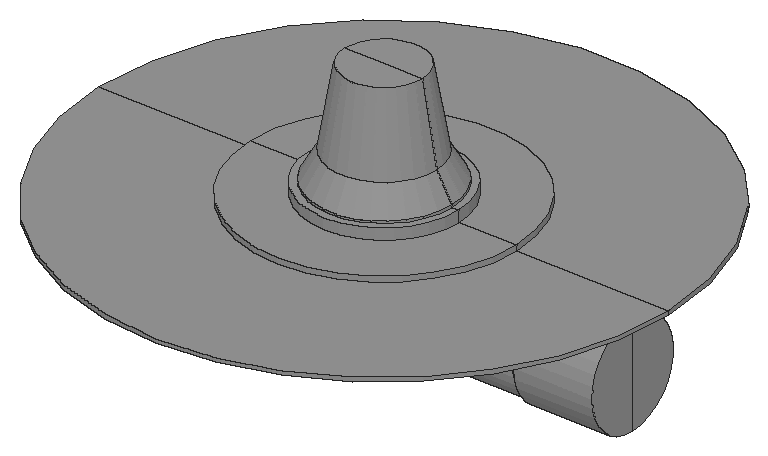
Revit family "HL_RU_Roof drain_HL80.3H-B-221103", category Instalační zařizovací předměty, Revit 2021
Family settings
  Kóta kulaté spojky = Použít průměr
  Typ dílu = Normální
  Číslo OmniClass = 23.70.50.21.24.14
  Nadpis OmniClass = Deck Waste Water Drains
  Založené na pracovní rovině = Ne
  Vždy vertikální = Ano
  Ořezat dutým tvarem při načtení = Ne
  Sdílené = Ne
  Bod výpočtu místnosti = Ano
Parameters (values of type "HL_Кровельная воронка_HL80.3H")
  РЕШЁТКА = "Laubfangkorb d 110 mm"
  РАЗМЕР = "DN50/75"
  ПРОПУСКНАЯ СПОСОБНОСТЬ [instance] = 0.0 L/s
  ПРОИЗВОДИТЕЛЬНОСТЬ = "1,0 l/s"
  ПРАВОВАЯ ИНФОРМАЦИЯ = "Авторские права(©), права на дизайн или какие либо другие права интелектуальной собственности являются исключительной собственностью компании HL Hutterer & Lechner. Изменению не подлежит. Файл семейства с данными о прозводителе изделия защищен паролем с водяным знаком."
  НОМИНАЛЬНЫЙ ДИАМЕТР [instance] = 75 mm
  МАТЕРИАЛ = "PP/PE"
  ВЫСОТА МОНТАЖА = "91 mm"
  ВЕС = "1,09 [kg]"
  Výchozí výška = 0 mm
  Výrobce = "HL Hutterer & Lechner GmbH"  # constant formula
  URL = "http://www.hutterer-lechner.com/ru/products/catalog/roof-drains/HL80.3H.aspx"
  Материал плитка [instance] = none
  Přípoj ventilace = no
  Přípoj odpadních dílů = yes
  Přípoj HW = no
  Přípoj CW = no
  Popis = "Кровельные воронки"
  Model = "HL80.3H"
  Assembly Code = " "
  Komentáře k typům = "HL80.3H Трап для кровли DN50/75 поворотный с битумным полотном и листвоуловителем.,"
  Keynote = "HL80.3H"
  F [instance] = if(and(Instalation Angle = 0.00°, НОМИНАЛЬНЫЙ ДИАМЕТР = 50 mm), 25.5 mm, 13 mm)  # 13 mm
  EAN = "9003076918034"
  Bысота монтажа [instance] = 0 mm
  Instalation Angle [instance] = 90.00°
  G [instance] = if(Instalation Angle = 0.00°, 180.00°, 90.00°)  # 90.00°
  D [instance] = if(and(Instalation Angle = 0.00°, НОМИНАЛЬНЫЙ ДИАМЕТР = 75 mm), 170.2 mm, if(and(Instalation Angle = 0.00°, НОМИНАЛЬНЫЙ ДИАМЕТР = 50 mm), 74.3 mm, if(and(Instalation Angle = 90.00°, НОМИНАЛЬНЫЙ ДИАМЕТР = 50 mm), 100 mm - 13 mm, 183.1 mm - 13 mm)))  # 170.1 mm
  C [instance] = if(Bысота монтажа - 68 mm < 0 mm, 0 mm, Bысота монтажа - 68 mm)  # 0 mm
  B [instance] = Bысота монтажа + if(НОМИНАЛЬНЫЙ ДИАМЕТР = 50 mm, 64.5 mm, 51.7 mm)  # 51.7 mm
  A [instance] = if(B - 100 mm > 15 mm, B - 100 mm, 15 mm)  # 15 mm
Reference planes
  plane 1 "Center (Front/Back)": y = 0
  plane 2: z = 0
  plane 3 "Center (Left/Right)": x = 0
  plane 4: z = -51.7
  plane 5: z = 0
  plane 6: x = 13
Lines and regions (mm)
  model lines, style "InvisibleLines"
    curve 1: line (0, 0, 0) -> (0, 0, 20)
  model lines, style "PlumbingFixtures", detail levels coarse+medium
    curve 2: line (0, 0, -51.7) -> (0, 0, -36.7)
    curve 3: line (0, 0, -36.7) -> (-36.7, 0, 0)
    curve 4: line (0, 0, -36.7) -> (36.7, 0, 0)
    curve 6: line (13, 0, -51.7) -> (183.1, 0, -51.7)
  reference lines, not visible
    curve 5: line (13, 0, -51.7) -> (183.1, 0, -51.7)
  symbolic lines, style "PlumbingFixtures", detail levels coarse+medium
    curve 7: line (-75, 75, 0) -> (75, 75, 0)
    curve 8: line (-75, -75, 0) -> (-75, 75, 0)
    curve 9: line (75, -75, 0) -> (-75, -75, 0)
    curve 10: line (75, 75, 0) -> (75, -75, 0)
    curve 11: line (-75, 75, 0) -> (-145.711, 145.711, 0)
    curve 12: line (75, 75, 0) -> (145.711, 145.711, 0)
    curve 13: line (-75, -75, 0) -> (-145.711, -145.711, 0)
    curve 14: line (75, -75, 0) -> (145.711, -145.711, 0)
  symbolic lines, style "PlumbingFixtures", not visible, detail levels coarse+medium
    curve 15: line (-75, 75, 0) -> (75, 75, 0)
    curve 16: line (-75, -75, 0) -> (-75, 75, 0)
    curve 17: line (75, -75, 0) -> (-75, -75, 0)
    curve 18: line (75, 75, 0) -> (75, -75, 0)
    curve 19: line (-75, 75, 0) -> (-145.711, 145.711, 0)
    curve 20: line (75, 75, 0) -> (145.711, 145.711, 0)
    curve 21: line (-75, -75, 0) -> (-145.711, -145.711, 0)
    curve 22: line (75, -75, 0) -> (145.711, -145.711, 0)
  model lines, style "InvisibleLines", detail levels coarse+medium
    curve 23: line (13, 0, -51.7) -> (0, 0, -51.7)
Text (mm)
  text "FLOOR" at (-162.344, 0, -10.979), in view "Drain Construction View"
Dimensions and locks
  "B": plane 2 to plane 4
  "Bысота монтажа": plane 2 to plane 5
  "A": curve 4 to plane 4
  "D": curve 5 to curve 5
  "D": curve 6 to curve 6
  "F": plane 6 to plane 3 "Center (Left/Right)"
  locked: curve 4 to plane 3 "Center (Left/Right)" (angle 45.00°)
  locked: plane 3 "Center (Left/Right)" to curve 3 (angle 45.00°)
  "G": angle curve 5 to plane 3 "Center (Left/Right)"
  aligned and locked: level to plane 2
  aligned and locked: plane 2 to curve 4
  aligned and locked: plane 2 to curve 3
  aligned and locked: plane 4 to curve 2
  aligned and locked: nested 1 to plane 5
  aligned and locked: plane 3 "Center (Left/Right)" to nested 1
  aligned and locked: nested 2 to plane 2
  aligned and locked: plane 3 "Center (Left/Right)" to nested 2
  aligned and locked: plane 6 to curve 5
  aligned and locked: plane 4 to curve 5
  aligned and locked: plane 6 to curve 6
Automatic sketch dimensions
  curve 1 to plane 3 "Center (Left/Right)" = 0 mm
  curve 2 to plane 3 "Center (Left/Right)" = 0 mm
  curve 23 to plane 6 = 0 mm
  curve 1 to level = 0 mm
  level to curve 1 = 20 mm
  curve 6 to curve 5 = 0 mm
Nested families
  nested 1: "HL_кровельные воронки - корпус_HL80HK" at (0, 0, 0), DN <- "НОМИНАЛЬНЫЙ ДИАМЕТР", Instalation Angle <- "Instalation Angle", type "HL80HK"
    with OE 5 mm, LV 0 mm, Instalation Angle 90.00°, DT 10 mm, DN 75 mm
  nested 2: "HL_Вспомогательные материалы-Противопожарная защита_HL080.8E" at (0, 0, 0.982), type "HL_Вспомогательные материалы-Противопожарная защита_HL080.8E"
Connectors
  piping at (183.1, 0, -51.7), diameter 75, driven by "ПРОПУСКНАЯ СПОСОБНОСТЬ", driven by "НОМИНАЛЬНЫЙ ДИАМЕТР"
    settings: on curve 5, index 1, connector inside diameter 609.6 mm, connector length 0 mm, flow factor 0, pipe flow 0.0 L/s, pressure drop 0.0 Pa, fitting loss kfactor 0, connector angle 0.00°, fixture units 0, engagement length 0 mm, angle of deflection 0.00°, flow configuration 1, flow direction 2, fitting loss method 0, system type 16, joint type 0, gender type 0, connector reference index -1, connector utility 0, adjustable connector yes, is connector primary yes, connector description ""
Definition of nested family "HL_кровельные воронки - корпус_HL80HK"
  Parameters (values of type "HL80HK")
    Waste Connection = yes
    Default Elevation = 0 mm
    Vent Connection = no
    Manufacturer = ""
    LV [instance] = if(DN = 75 mm, 0 mm, 83 mm)  # 0 mm
    HW Connection = no
    URL = ""
    RN2 = DN2 / 2  # 37.5 mm
    RN1 = DN1 / 2  # 25 mm
    Description = ""
    DT [instance] = if(DN = DN1, 10 mm, if(DN = DN2, 10 mm, 0 mm))  # 10 mm
    DN [instance] = 75 mm
    CW Connection = no
    OL = 155 mm  # constant formula
    OE [instance] = if(Instalation Angle > 0.00°, 5 mm, 30 mm)  # 5 mm
    Model = ""
    Type Comments = ""
    Keynote = ""
    Instalation Angle [instance] = 90.00°
    DN2 = 75 mm  # constant formula
    DN1 = 50 mm  # constant formula
  Reference planes
    plane 1 "Center (Front/Back)": y = 0
    plane 2: z = 0
    plane 3 "Center (Left/Right)": x = 0
    plane 4: z = 0
    plane 5: z = -90
    plane 6: z = -215
    plane 7 "Ball joint horizontal": z = -64.2
    plane 8 "Ball Joint Vertical": x = 25.45
  Forms (mm)
    Revolve 1, solid, detail levels fine
      sketch origin (0, 0, -30) x (1, 0, 0) y (0, 0, 1)
        loop
          line (-98.112, 30) -> (-210.108, 30) -> (-210.108, 27) -> (-110.111, 27) -> (-110.111, 22.891) -> (-93.745, 22.891) -> (-93.745, 18.106) -> (-57.51, 18.106) -> (-57.51, 2.73) -> (-44.799, 2.73) -> (-44.799, -23.765)
          arc (-44.799, -23.765) -> (-26.756, -44.906) -> (-0.107, -52.803) r 48.911
          line (-0.107, -52.803) -> (-0.107, 33.918) -> (-98.112, 33.918) -> (-98.112, 30)
        axis (-0.107, 33.918) -> (-0.107, -52.803)
      angle from 0 to 360
    Sweep 2, solid, detail levels fine
      path in 3D
        loop
          line (5.45, 0, -64.2) -> (180.45, 0, -64.2)
      profile origin (92.95, 0, -64.2) x (0, 0, 1) y (0, -1, 0)
        loop
          circle (0, 0) r 25
    Revolve 3, solid, detail levels fine
      sketch origin (90.45, 0, -51.7) x (1, 0, 0) y (0, 0, 1)
        loop
          line (92.64, 0) -> (92.64, 37.5) -> (35.328, 37.5) -> (-2.031, 0) -> (92.64, 0)
        axis (-2.031, 0) -> (92.64, 0)
      angle from 0 to 360
    Revolve 4, solid, detail levels fine
      sketch origin (0, 0, -30) x (1, 0, 0) y (0, 0, 1)
        loop
          arc (-5.105, -62.233) -> (18.28, -60.002) -> (38.242, -47.618) r 51.5
          line (38.242, -47.618) -> (13.269, -22.645) -> (-15.712, -51.627) -> (-5.105, -62.233)
        axis (13.269, -22.645) -> (38.242, -47.618)
      angle from 0 to 360
    Extrusion 5, solid, detail levels fine
      sketch origin (0, 0, -30) x (0, 1, 0) y (0, 0, 1)
        loop
          line (46.485, 6) -> (-46.509, 6) -> (-45.296, -38.425)
          arc (-45.296, -38.425) -> (-0.041, -54.245) -> (45.232, -38.476) r 72.755
          line (45.232, -38.476) -> (46.485, 6)
      from -18 to -9
    Extrusion 6, void
      sketch origin (0, 0, 0) x (0, 1, 0) y (0, 0, 1)
        loop
          line (41.219, -68.961) -> (63.338, -68.961) -> (63.338, -27.27) -> (42.393, -27.27) -> (41.219, -68.961)
        loop
          line (-41.264, -68.961) -> (-42.438, -27.27) -> (-63.338, -27.27) -> (-63.338, -68.961) -> (-41.264, -68.961)
      from -9 to 18.461
    Extrusion 7, void
      sketch origin (183.09, 0, -51.7) x (0, -1, 0) y (0, 0, 1)
        loop
          circle (0, 0) r 37.5
      from -2 to 0 <- "LV"
  Cuts and joins
    Extrusion 6 cuts Revolve 1
    Extrusion 6, Extrusion 7 cuts Sweep 2
    Extrusion 6, Extrusion 7 cuts Revolve 3
    Extrusion 6 cuts Revolve 4
    Extrusion 6 cuts Extrusion 5
    joined: Revolve 1, Sweep 2, Revolve 3, Revolve 4, Extrusion 5
  Lines and regions (mm)
    reference lines
      curve 1: line (25.45, 0, -64.2) -> (180.45, 0, -64.2)
      curve 2: line (90.45, 0, -51.7) -> (180.45, 0, -51.7)
      curve 3: line (180.45, 0, -64.2) -> (180.45, 0, -46.7)
      curve 5: line (180.45, 0, -46.7) -> (90.45, 0, -46.7)
    sketch lines
      curve 4: line (5.45, 0, -64.2) -> (180.45, 0, -64.2)
    model lines, not visible
      curve 6: line (-0.107, 0, 0) -> (-0.107, 0, -10)
  Dimensions and locks
    plane 4 to plane 5 = 90 mm
    plane 4 to plane 6 = 215 mm
    locked: plane 4 to plane 7 "Ball joint horizontal" at 64.2
    locked: plane 8 "Ball Joint Vertical" to plane 3 "Center (Left/Right)" at 25.45
    locked: curve 3 to curve 2 at 90
    "OL": curve 3 to curve 1
    "RN2": Revolve 3 sketch curve to Revolve 3 sketch curve
    locked: Revolve 3 sketch curve to Revolve 3 sketch curve at 94.672
    Revolve 3 sketch curve to Revolve 3 sketch curve = 57.312 mm
    locked: curve 5 to curve 5 at 90
    locked: curve 5 to curve 1 at 17.5
    "OE": curve 5 to curve 2
    Revolve 1 sketch curve to Revolve 1 sketch curve to Revolve 1 sketch curve to Revolve 1 sketch curve to Revolve 1 sketch curve to Revolve 1 sketch curve = 99.997 mm locked, 11.999 mm locked, 40.602 mm locked, 12.711 mm locked, 44.692 mm locked
    plane 2 to plane 4 = 0 mm
    Revolve 1 sketch curve to plane 5 = 56.108 mm
    locked: plane 4 to cut or joined group of Revolve 1, Sweep 2, Revolve 3, Revolve 4, Extrusion 5, Extrusion 6, Extrusion 7 at 3
    Revolve 1 sketch curve to plane 4 to Revolve 1 sketch curve to Revolve 1 sketch curve to Revolve 1 sketch curve to Revolve 1 sketch curve to Revolve 1 sketch curve = 3.918 mm locked, 3 mm locked, 4.109 mm locked, 4.785 mm locked, 15.376 mm locked, 6.621 mm locked
    locked: plane 4 to Extrusion 5 sketch curve at 24
    locked: Revolve 4 sketch curve to plane 7 "Ball joint horizontal" at 22.998
    locked: plane 8 "Ball Joint Vertical" to Revolve 4 sketch curve at 23.624
    locked: curve 2 to Extrusion 7 sketch curve
    "DT": cut or joined group of Revolve 1, Sweep 2, Revolve 3, Revolve 4, Extrusion 5, Extrusion 6, Extrusion 7 to curve 6
    "DN1": diameter of Sweep 2 sketch curve
    diameter of Extrusion 7 sketch curve = 75 mm
    "Instalation Angle": angle plane 8 "Ball Joint Vertical" to curve 1
    locked: curve 3 to curve 1 (angle 90.00°)
    locked: curve 2 to curve 3 (angle 90.00°)
    locked: curve 5 to curve 3 (angle 90.00°)
    aligned and locked: level to plane 2
    aligned and locked: plane 8 "Ball Joint Vertical" to curve 1
    aligned and locked: plane 7 "Ball joint horizontal" to curve 1
    aligned and locked: plane 4 to Revolve 1 sketch curve
    aligned and locked: Revolve 1 sketch curve to Revolve 1 sketch curve
    aligned and locked: Revolve 3 sketch curve to curve 2
  Automatic sketch dimensions
    Revolve 4 sketch curve to plane 5 = 2.233 mm
    Revolve 4 sketch curve to plane 3 "Center (Left/Right)" = 5.105 mm
    plane 5 to Revolve 4 sketch curve = 8.373 mm
    Revolve 4 sketch curve to Revolve 4 sketch curve = 10.607 mm
    plane 7 "Ball joint horizontal" to Revolve 4 sketch curve = 11.555 mm
    Revolve 4 sketch curve to Revolve 4 sketch curve = 2.288 mm  (x2)
    plane 5 to Revolve 4 sketch curve = 5.833 mm
    Revolve 4 sketch curve to Revolve 4 sketch curve = 6.549 mm
    Revolve 1 sketch curve to plane 3 "Center (Left/Right)" = 0.107 mm
    plane 7 "Ball joint horizontal" to Revolve 1 sketch curve = 10.435 mm
    Revolve 1 sketch curve to Revolve 1 sketch curve = 4.366 mm
    Revolve 1 sketch curve to plane 6 = 96 mm
    Revolve 1 sketch curve to Revolve 1 sketch curve = 2210.397 mm
    Extrusion 6 sketch curve to plane 7 "Ball joint horizontal" = 4.761 mm  (x2)
    plane 1 "Center (Front/Back)" to Extrusion 6 sketch curve = 63.338 mm
    Extrusion 6 sketch curve to Extrusion 6 sketch curve = 20.9 mm
    Extrusion 6 sketch curve to Extrusion 6 sketch curve = 22.075 mm
    Extrusion 6 sketch curve to plane 1 "Center (Front/Back)" = 41.219 mm
    Extrusion 6 sketch curve to Extrusion 6 sketch curve = 1.175 mm
    Extrusion 6 sketch curve to Extrusion 6 sketch curve = 20.945 mm
    Extrusion 6 sketch curve to level = 27.27 mm  (x2)
    Extrusion 5 sketch curve to plane 1 "Center (Front/Back)" = 0 mm
    Extrusion 5 sketch curve to plane 7 "Ball joint horizontal" = 4.225 mm
    plane 1 "Center (Front/Back)" to Extrusion 5 sketch curve = 45.296 mm
    Extrusion 5 sketch curve to Extrusion 5 sketch curve = 1.213 mm
    Extrusion 5 sketch curve to level = 11.49 mm
    Extrusion 5 sketch curve to plane 7 "Ball joint horizontal" = 4.276 mm
    Extrusion 5 sketch curve to Extrusion 5 sketch curve = 1.253 mm
    curve 6 to level = 0 mm
    curve 6 to plane 3 "Center (Left/Right)" = 0.107 mm
    profile plane to Sweep 2 sketch curve = 0 mm
    Sweep 2 sketch curve to profile plane = 0 mm
    Revolve 3 sketch curve to curve 2 = 0 mm  (x3)
    Revolve 3 sketch curve to curve 2 = 2.031 mm
Definition of nested family "HL_Вспомогательные материалы-Противопожарная защита_HL080.8E"
  Parameters
    ПРАВОВАЯ ИНФОРМАЦИЯ = ""
    ВЕС = "0,042 [kg]"
    Default Elevation = 0 mm
    Manufacturer = ""
    URL = ""
    Материал плитка = none
    Description = ""
    Model = ""
    Type Comments = "HL080.8E, leaf strainer d 110mm"
    Keynote = ""
    Пропускная способность [instance] = 0.0 L/s
    EAN = "9003076008087"
    Cost = 0
  Types (2, lengths in mm): name | ПРАВОВАЯ ИНФОРМАЦИЯ | Manufacturer | URL | Description | Model | Type Comments | Keynote
    (no name) | "" | "" | "" | "" | "" | "HL080.8E, leaf strainer d 110mm" | ""
    HL_Вспомогательные материалы-Противопожарная защита_HL080.8E | "Авторские права(©), права на дизайн или какие либо другие права интелектуальной собственности являются исключительной собственностью компании HL Hutterer & Lechner. Изменению не подлежит. Файл семейства с данными о прозводителе изделия защищен паролем с водяным знаком." | "HL Hutterer & Lechner GmbH" | "http://www.hutterer-lechner.com/ru/products/catalog/roof-drains/HL080.8E.aspx" | "Кровельные воронки" | "HL080.8E" | "HL080.8E, Листвоуловитель d 110мм" | "HL080.8E"
  Reference planes
    plane 1 "Střed (vpředu/vzadu)": y = 0
    plane 2: z = 0
    plane 3 "Střed (vlevo/vpravo)": x = 0
  Forms (mm)
    Revolve 1, solid, detail levels fine
      sketch origin (0, 0, 0) x (1, 0, 0) y (0, 0, 1)
        loop
          line (-55.09, 10.802) -> (-55.09, -0.982) -> (-50.805, -0.982) -> (-48.107, 0) -> (-38.788, 0) -> (-38.427, 3.437) -> (-37.645, 3.437) -> (-31.62, 37.611) -> (-28.757, 37.611) -> (-28.757, 46.154) -> (-30.248, 46.154) -> (-23.36, 84.452) -> (0, 84.452) -> (0, 88.456) -> (-28.637, 88.456) -> (-38.668, 31.57) -> (-49.837, 12.225) -> (-49.837, 10.802) -> (-55.09, 10.802)
        axis (0, 88.456) -> (0, -0.982)
      angle from 0 to 360
  Dimensions and locks
    aligned and locked: level to plane 2
